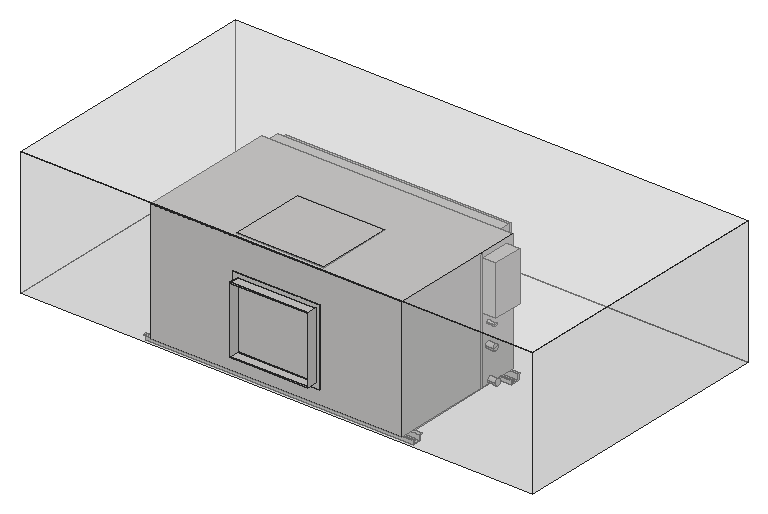
Revit family "outputfile", category 機械設備, Revit 2024
Family settings
  丸型コネクタ寸法 = 半径を使用
  パーツ タイプ = 標準
  OmniClass 番号 = 23.75.10.24.21.27.27
  OmniClass タイトル = Split System Air Conditioning Units
  作業面ベース = いいえ
  常に垂直 = はい
  ロード時にボイドで切り取り = いいえ
  注釈の向きを維持 = いいえ
  共有 = いいえ
  部屋計算ポイント = はい
Parameters (values of type "FDN150HTL")
  Description = ""
  書き出し IFC クラス(タイプ) = "IfcUnitaryEquipmentType"
  定義済み IFC タイプ(タイプ) = "AIRCONDITIONINGUNIT"
  Cost = 0
  Type Comments = ""
  Keynote = ""
  Type Image = (empty or 0)
  Assembly Code = ""
  switch_frequency = yes
  lw_power = 813 mm
  lw_box = 86 mm
  lw_RA = 733.5 mm
  lh_liquidpipe_2 = 738 mm
  lh_height_SA = 408 mm
  lh_ld_mountinghole_height = 35 mm
  lh_height_RA = 646 mm
  lh_hangerfixture = 35 mm
  lh_gaspipe_2 = 638 mm
  lh_box_top = 24 mm
  lh_box = 302 mm
  lh_SA = 351 mm
  lh_RA = 413 mm
  ld_depth_SA = 60 mm
  ld_depth_RA = 130 mm
  ld_box_left = 610 mm
  ld_box = 180 mm
  connector_voltage = Voltage_60Hz  # 220 V
  connector_powerinput = [Power Input (Cooling)]  # 15.110 kW
  connector_phase = Phase_60Hz  # 3
  URL = ""
  Supply Air Direction [instance] = yes
  製造元 = "Daikin"
  モデル = "FDN150HTL"
  w_pipe = 33 mm
  r_Liquid Pipe Size = Liquid Pipe Size / 2  # 7.95 mm
  r_Gas Pipe Size = Gas Pipe Size / 2  # 17.45 mm
  r_Drain Pipe Size = Drain Pipe Size / 2  # 17.0 mm
  lw_width_RA = 1377 mm
  lw_width_SA = 474 mm
  ld_suctionflange [instance] = 190 mm
  ld_powersupply = 275 mm
  Voltage_comment_60Hz = "220"
  Voltage_60Hz = 220 V
  Sound Power Level_H speed (dB) = 0
  Phase_60Hz = 3
  Minimum External Static Pressure = 0.00 Pa
  Minimum Circuit Amps_60Hz = 0.0 A
  Maximum Fuse Amps_60Hz = 0.0 A
  Maximum External Static Pressure = 150.00 Pa
  Material_Casing = DAIKIN_GalvanizedSteel_Casing_indoorunit
  lw_liquidpipe = 822 mm
  lw_gaspipe = 822 mm
  lw_mountinghole_pitch = 1600 mm
  lw_mountinghole = 1640 mm
  lw_drainpipe = 822 mm
  lh_powersupply = 425 mm
  lh_liquidpipe = 384 mm
  lh_gaspipe = 259 mm
  lh_mountinghole = 2.3 mm
  lh_drainpipe = 61 mm
  lh_antena = Height - lh_mountinghole + 1 mm  # 774.7 mm
  ld_liquidpipe = 225 mm
  ld_gaspipe = 225 mm
  ld_mountinghole_pitch = 754 mm
  ld_drainpipe = 242 mm
  h*** = 0 mm  # constant formula
  d_dischargeflange = ld_depth_SA  # 60 mm
  Width = 1540 mm
  Version = "ver.1.0"
  Unit Type = "Duct"
  Unit Mass Weight = 159.00 kg
  Unit Designation [instance] = ""
  Uniclass2015Version = "Products v1.30"
  Uniclass2015Title = "Split coil room air conditioning units"
  Uniclass2015Code = "Pr_70_65_03_86"
  Total Cooling Capacity [instance] = 0.000 kW
  Sound Pressure Level_M speed (dBA) = 0
  Sound Pressure Level_L speed (dBA) = 0
  Sound Pressure Level_H speed (dBA) = 56
  Series = "Package Aircon_Fan Coil Unit"
  Sensible Cooling Capacity [instance] = 0.000 kW
  SA Duct Size Width = 474 mm
  SA Duct Size Height = 408 mm
  Refrigerant Type = "R410A"
  RA Duct Size Width = 1377 mm
  RA Duct Size Height = 646 mm
  Power Input (Cooling) = 15.110 kW
  Option Accessory 3 [instance] = ""
  Option Accessory 2 [instance] = ""
  Option Accessory 1 [instance] = ""
  Nominal Cooling Capacity = 43.962 kW
  Minimum Airflow = 0.00 m³/h
  Median Airflow = 0.00 m³/h
  Maximum Airflow = 7646.00 m³/h
  Load Classification = HVAC
  Liquid Pipe Size = 15.9 mm
  Link_Nested Family [instance] = ""
  IfcVersion = ""
  IfcExportType = "AIRCONDITIONINGUNIT"
  IfcExportAs = "IfcUnitaryEquipmentType"
  Height = 776 mm
  Heat Exchanger Type = "Cross Fin Coil"
  Gas Pipe Size = 34.9 mm
  Frequency_60Hz = 60 Hz
  Fan Type = "Sirocco Fan"
  Fan Drive = "-"
  FCU Tag No. [instance] = ""
  Drain Pipe Size = 34.0 mm
  Design Supply Airflow [instance] = 0.00 m³/h
  Design Return Airflow [instance] = 0.00 m³/h
  Design External Static Pressure [instance] = 0.00 Pa
  Depth = 850 mm
  既定の高さ = 0 mm
  Cooling Entering Wet Bulb Temperature [instance] = 0.00 °C
  Cooling Entering Dry Bulb Temperature [instance] = 0.00 °C
  Cooling Ambient Wet Bulb Temperature [instance] = 0.00 °C
  Cooling Ambient Dry Bulb Temperature [instance] = 0.00 °C
  Clearance visibility [instance] = yes
  Clearance Top = 0 mm
  Clearance Right = 800 mm
  Clearance Rear = 800 mm
  Clearance Left = 800 mm
  Clearance Front = 0 mm
  Clearance Bottom = 0 mm
Reference planes
  plane 1 "Center (Front/Back)": y = 0
  plane 2: z = 0
  plane 3 "Center (Left/Right)": x = 0
  plane 4 "Back": y = 425
  plane 5 "Front": y = -425
  plane 6 "Left": x = -770
  plane 7 "Right": x = 770
  plane 8 "Top": z = 0
  plane 9 "Bottom": z = -776
  plane 10: z = -392
  plane 11: z = -517
  plane 12: x = -800
  plane 13: x = 800
  plane 14: x = 822
  plane 15: x = 822
  plane 16: z = -773.7
  plane 17 "Clearance Left": x = -1570
  plane 18 "Clearance Right": x = 1570
  plane 19 "Clearance Rear": y = 1225
  plane 20 "Clearance Front": y = -425
  plane 21 "Clearance Bottom": z = -776
  plane 22: z = -715
  plane 23 "ld_gas": y = 225
  plane 24: y = 225
  plane 25: y = -30
  plane 26: y = 242
  plane 27: y = 235
  plane 28: x = 822
  plane 29: y = 377
  plane 30: y = -377
  plane 31: y = -485
  plane 32: y = 555
  plane 33 "Clearance Top": z = 0
  plane 34: z = -351
  plane 35: y = 275
  plane 36 "hangerfixture": z = -741
  plane 37 "lh_SA": z = -425
  plane 38 "lh_RA": z = -363
  plane 39 "RA_center": x = -36.5
  plane 40: x = 886
  plane 41: x = 856
  plane 42: y = 185
  plane 43: y = 365
  plane 44 "box_bottom": z = -326
  plane 45 "box_top": z = -24
  plane 46: x = -267
  plane 47: x = 267
  plane 48: y = -394.5
  plane 49: y = 73.5
  plane 50 "lw_power": x = 813
  plane 51: z = -38
  plane 52: z = -138
  plane 53: z = -1
Forms (mm)
  Extrusion 1, solid, material "DAIKIN_GalvanizedSteel_Casing_indoorunit" <- "Material_Casing"
    sketch origin (0, -0.8, 0) x (1, 0, 0) y (0, 1, 0)
      loop
        line (-770, -424.2) -> (770, -424.2) -> (770, 425.8) -> (-770, 425.8) -> (-770, -424.2)
    from -741 to -1
  Revolve 2, solid, material "DAIKIN_GalvanizedSteel_Casing_indoorunit" <- "Material_Casing"
    sketch origin (0, 0, -517) x (0, -1, 0) y (1, 0, 0)
      loop
        line (-207.55, 770) -> (-207.55, 822) -> (-225, 822) -> (-225, 770) -> (-207.55, 770)
      axis (-225, 770) -> (-225, 822)
    angle from 0 to 360
  Revolve 3, solid, material "DAIKIN_GalvanizedSteel_Casing_indoorunit" <- "Material_Casing"
    sketch origin (0, 0, -392) x (0, -1, 0) y (1, 0, 0)
      loop
        line (-225, 770) -> (-225, 822) -> (-232.95, 822) -> (-232.95, 770) -> (-225, 770)
      axis (-225, 822) -> (-225, 770)
    angle from 0 to 360
  Extrusion 4, solid, material "DAIKIN_GalvanizedSteel_Casing_indoorunit" <- "Material_Casing"
    sketch origin (0, 0, 0) x (0, 1, 0) y (0, 0, 1)
      loop
        circle (242, -715) r 17
    from 822 to 770
  Extrusion 5, solid, material "DAIKIN_GalvanizedSteel_Casing_indoorunit" <- "Material_Casing"
    sketch origin (0, 0, 0) x (1, 0, 0) y (0, 1, 0)
      loop
        line (856, 185) -> (856, 365) -> (770, 365) -> (770, 185) -> (856, 185)
    from -326 to -24
  Extrusion 6, solid, material "DAIKIN_GalvanizedSteel_Casing_indoorunit" <- "Material_Casing"
    sketch origin (0, 0, 0) x (-1, 0, 0) y (0, -1, 0)
      loop
        line (267, -73.5) -> (267, 394.5) -> (-267, 394.5) -> (-267, -73.5) -> (267, -73.5)
    from -1 to 0
  Extrusion 7, solid, material "DAIKIN_GalvanizedSteel_Casing_indoorunit" <- "Material_Casing"
    sketch origin (0, 0, 0) x (0, 1, 0) y (0, 0, 1)
      loop
        line (-339, -741) -> (-339, -743.3) -> (339, -743.3) -> (339, -741) -> (-339, -741)
    from -770 to 770
  Extrusion 8, solid, material "DAIKIN_GalvanizedSteel_Casing_indoorunit" <- "Material_Casing"
    sketch origin (770, 0, 0) x (0, 1, 0) y (0, 0, 1)
      loop
        line (174, -1) -> (174, -741) -> (184, -741) -> (184, -1) -> (174, -1)
    from 0 to 1
Dimensions and locks
  equal spacing: plane 12, plane 3 "Center (Left/Right)", plane 13
  "lw_mountinghole_pitch": plane 12 to plane 13
  "lh_liquidpipe": plane 10 to plane 9 "Bottom"
  "lh_gaspipe": plane 11 to plane 9 "Bottom"
  equal spacing: plane 6 "Left", plane 3 "Center (Left/Right)", plane 7 "Right"
  "Width": plane 6 "Left" to plane 7 "Right"
  "Clearance Right": plane 7 "Right" to plane 18 "Clearance Right"
  "Clearance Left": plane 17 "Clearance Left" to plane 6 "Left"
  "Clearance Rear": plane 19 "Clearance Rear" to plane 4 "Back"
  "Clearance Front": plane 5 "Front" to plane 20 "Clearance Front"
  "Depth": plane 4 "Back" to plane 5 "Front"
  equal spacing: plane 4 "Back", plane 1 "Center (Front/Back)", plane 5 "Front"
  "ld_suctionflange": plane 4 "Back" to plane 27
  "r_Liquid Pipe Size": nested 5 to Revolve 3 sketch curve
  equal spacing: plane 29, plane 1 "Center (Front/Back)", plane 30
  "ld_mountinghole_pitch": plane 29 to plane 30
  "lw_liquidpipe": plane 3 "Center (Left/Right)" to plane 14
  "lw_gaspipe": plane 3 "Center (Left/Right)" to plane 15
  "lw_drainpipe": plane 3 "Center (Left/Right)" to plane 28
  "lh_drainpipe": plane 22 to plane 9 "Bottom"
  "Clearance Top": plane 33 "Clearance Top" to plane 8 "Top"
  "Clearance Bottom": plane 9 "Bottom" to plane 21 "Clearance Bottom"
  "lh_powersupply": plane 34 to plane 9 "Bottom"
  level to plane 8 "Top" = 0 mm
  "lh_hangerfixture": plane 36 "hangerfixture" to plane 9 "Bottom"
  "lh_SA": plane 37 "lh_SA" to plane 9 "Bottom"
  "ld_depth_SA": plane 5 "Front" to plane 31
  "ld_depth_RA": plane 32 to plane 4 "Back"
  "lh_RA": plane 38 "lh_RA" to plane 9 "Bottom"
  "lw_RA": plane 6 "Left" to plane 39 "RA_center"
  "ld_box_left": plane 42 to plane 5 "Front"
  "ld_box": plane 43 to plane 42
  "lw_box": plane 7 "Right" to plane 41
  "lh_box": plane 45 "box_top" to plane 44 "box_bottom"
  plane 46 to plane 3 "Center (Left/Right)" to plane 47 = 267 mm locked, 267 mm locked
  plane 49 to plane 48 to plane 5 "Front" = 468 mm locked, 30.5 mm locked
  "lw_power": plane 3 "Center (Left/Right)" to plane 50 "lw_power"
  "lh_gaspipe_2": plane 52 to plane 9 "Bottom"
  "lh_liquidpipe_2": plane 51 to plane 9 "Bottom"
  "ld_powersupply": plane 1 "Center (Front/Back)" to plane 35
  "ld_drainpipe": plane 26 to plane 1 "Center (Front/Back)"
  "ld_gaspipe": plane 23 "ld_gas" to plane 1 "Center (Front/Back)"
  "r_Gas Pipe Size": plane 23 "ld_gas" to Revolve 2 sketch curve
  "ld_liquidpipe": plane 24 to plane 1 "Center (Front/Back)"
  "Height": plane 8 "Top" to plane 9 "Bottom"
  "lh_mountinghole": plane 16 to plane 9 "Bottom"
  "lh_box_top": plane 33 "Clearance Top" to plane 45 "box_top"
  locked: plane 8 "Top" to plane 53 at 1
  Extrusion 8 sketch curve to Extrusion 8 sketch curve to plane 4 "Back" = 10 mm locked, 241 mm locked
  "r_Drain Pipe Size": radius of Extrusion 4 sketch curve
  aligned and locked: level to plane 2
  aligned and locked: Revolve 2 sketch curve to Revolve 2 sketch curve
  aligned and locked: plane 14 to nested 5
  aligned and locked: nested 5 to plane 10
  aligned and locked: plane 13 to nested 2
  aligned and locked: plane 12 to nested 3
  aligned and locked: plane 12 to nested 4
  aligned and locked: nested 6 to plane 11
  aligned and locked: plane 23 "ld_gas" to nested 6
  aligned and locked: plane 24 to nested 5
  aligned and locked: Extrusion 4 sketch curve to plane 26
  aligned and locked: nested 11 to plane 19 "Clearance Rear"
  aligned and locked: plane 18 "Clearance Right" to nested 11
  aligned and locked: plane 17 "Clearance Left" to nested 11
  aligned and locked: nested 11 to plane 20 "Clearance Front"
  aligned and locked: plane 28 to Extrusion 4
  aligned and locked: plane 15 to nested 6  (x2)
  aligned and locked: plane 13 to nested 1
  aligned and locked: plane 26 to nested 7
  aligned and locked: nested 7 to plane 22
  aligned and locked: nested 7 to plane 28
  aligned and locked: nested 9 to plane 1 "Center (Front/Back)"
  aligned and locked: plane 3 "Center (Left/Right)" to nested 9
  aligned and locked: plane 29 to nested 1
  aligned and locked: plane 30 to nested 2
  aligned and locked: nested 4 to plane 29
  aligned and locked: nested 3 to plane 30
  aligned and locked: nested 10 to plane 4 "Back"
  aligned and locked: nested 8 to plane 31
  aligned and locked: plane 32 to nested 14
  aligned and locked: plane 3 "Center (Left/Right)" to nested 13
  aligned and locked: nested 11 to plane 33 "Clearance Top"
  aligned and locked: nested 11 to plane 21 "Clearance Bottom"
  aligned and locked: nested 12 to plane 9 "Bottom"
  aligned and locked: plane 36 "hangerfixture" to Extrusion 1
  aligned and locked: plane 37 "lh_SA" to nested 8
  aligned and locked: Extrusion 1 to plane 5 "Front"
  aligned and locked: nested 13 to plane 31
  aligned and locked: plane 37 "lh_SA" to nested 13
  aligned and locked: Extrusion 1 to plane 4 "Back"
  aligned and locked: plane 38 "lh_RA" to nested 10
  aligned and locked: nested 14 to plane 38 "lh_RA"
  aligned and locked: plane 39 "RA_center" to nested 10
  aligned and locked: nested 14 to plane 39 "RA_center"
  aligned and locked: plane 43 to Extrusion 5 sketch curve
  aligned and locked: Extrusion 5 sketch curve to plane 42
  aligned and locked: plane 45 "box_top" to Extrusion 5
  aligned and locked: Extrusion 5 to plane 44 "box_bottom"
  aligned and locked: Extrusion 6 sketch curve to plane 49
  aligned and locked: Extrusion 6 sketch curve to plane 46
  aligned and locked: plane 48 to Extrusion 6 sketch curve
  aligned and locked: plane 47 to Extrusion 6 sketch curve
  aligned and locked: nested 16 to plane 51
  aligned and locked: nested 17 to plane 52
  aligned and locked: plane 14 to nested 16
  aligned and locked: nested 15 to plane 35
  aligned and locked: Revolve 2 sketch curve to plane 23 "ld_gas"
  aligned and locked: plane 23 "ld_gas" to nested 17
  aligned and locked: plane 24 to nested 16
  aligned and locked: plane 36 "hangerfixture" to Extrusion 7 sketch curve
  aligned and locked: Extrusion 7 sketch curve to nested 12  (x3)
  aligned and locked: Extrusion 7 to plane 6 "Left"
  aligned and locked: plane 7 "Right" to Extrusion 7
  aligned and locked: nested 15 to plane 50 "lw_power"
  aligned and locked: level to plane 8 "Top"
  aligned and locked: Extrusion 5 sketch curve to plane 41
  aligned and locked: plane 7 "Right" to Extrusion 5 sketch curve
  aligned and locked: plane 53 to Extrusion 1
  aligned and locked: Extrusion 6 to plane 53
  aligned and locked: plane 8 "Top" to Extrusion 6
  aligned and locked: Extrusion 4 to plane 7 "Right"
  aligned and locked: Revolve 3 to plane 7 "Right"
  aligned and locked: plane 7 "Right" to Revolve 2
  aligned and locked: nested 15 to plane 45 "box_top"
  aligned and locked: Extrusion 8 sketch curve to plane 36 "hangerfixture"
  aligned and locked: Extrusion 8 sketch curve to plane 53
Automatic sketch dimensions
  Extrusion 1 sketch curve to plane 4 "Back" = 0 mm
  Extrusion 1 sketch curve to plane 6 "Left" = 0 mm
  Extrusion 1 sketch curve to plane 5 "Front" = 0 mm
  Extrusion 1 sketch curve to plane 7 "Right" = 0 mm
  Revolve 3 sketch curve to plane 23 "ld_gas" = 0 mm  (x2)
  Revolve 3 sketch curve to plane 14 = 0 mm  (x2)
  plane 7 "Right" to Revolve 3 sketch curve = 0 mm
  plane 7 "Right" to Revolve 3 sketch curve = 1 mm
  Extrusion 4 sketch curve to plane 22 = 0 mm
  Revolve 2 sketch curve to plane 7 "Right" = 0 mm
  Revolve 2 sketch curve to plane 14 = 0 mm
  Revolve 2 sketch curve to Revolve 2 sketch curve = 2.003 mm
  plane 14 to Revolve 2 sketch curve = 1.003 mm
Nested families
  nested 1: "daikin_mountinghole" at (800, 377, -776), Link_Nested Family <- "Link_Nested Family", h_mountinghole <- "lh_mountinghole", l_antenna <- "lh_antena", type "daikin_mountinghole"
    with show yes, l_antenna 774.7 mm, h_mountinghole 2.3 mm, Link_Nested Family "", d_circle 23 mm
  nested 2: "daikin_mountinghole" at (800, -377, -776), Link_Nested Family <- "Link_Nested Family", h_mountinghole <- "lh_mountinghole", l_antenna <- "lh_antena", type "daikin_mountinghole"
    with show yes, l_antenna 774.7 mm, h_mountinghole 2.3 mm, Link_Nested Family "", d_circle 23 mm
  nested 3: "daikin_mountinghole" at (-800, -377, -776), Link_Nested Family <- "Link_Nested Family", h_mountinghole <- "lh_mountinghole", l_antenna <- "lh_antena", type "daikin_mountinghole"
    with show yes, l_antenna 774.7 mm, h_mountinghole 2.3 mm, Link_Nested Family "", d_circle 23 mm
  nested 4: "daikin_mountinghole" at (-800, 377, -776), Link_Nested Family <- "Link_Nested Family", h_mountinghole <- "lh_mountinghole", l_antenna <- "lh_antena", type "daikin_mountinghole"
    with show yes, l_antenna 774.7 mm, h_mountinghole 2.3 mm, Link_Nested Family "", d_circle 23 mm
  nested 5: "daikin_connector_rotate2" at (0, 225, -392) x (0, 1, 0) z (0, 0, 1), length <- "lw_liquidpipe", built-in parameter 1001364 <- "lh_liquidpipe", radius <- "r_Liquid Pipe Size", type "daikin_connector_rotate2"
    with radius 7.95 mm, length 822 mm, angle_vertical 90.00°
  nested 6: "daikin_connector_rotate2" at (0, 225, -517) x (0, 1, 0) z (0, 0, 1), length <- "lw_gaspipe", built-in parameter 1001364 <- "lh_gaspipe", radius <- "r_Gas Pipe Size", type "daikin_connector_rotate2"
    with radius 17.45 mm, length 822 mm, angle_vertical 90.00°
  nested 7: "daikin_connector_rotate2" at (0, 242, -715) x (0, 1, 0) z (0, 0, 1), built-in parameter 1001364 <- "lh_drainpipe", length <- "lw_drainpipe", radius <- "r_Drain Pipe Size", type "daikin_connector_rotate2"
    with radius 17 mm, length 822 mm, angle_vertical 90.00°
  nested 8: "daikin_connector_rotate2" at (0, -425, -425), length <- "d_dischargeflange", type "daikin_connector_rotate2"
    with radius 10 mm, length 60 mm, angle_vertical 90.00°
  nested 9: "daikin_△_symbolicline" at (-75, -129.904, 9) x (-0.5, 0.866, 0) z (0, 0, 1), visible <- "Supply Air Direction", type "daikin_△_symbolicline"
    with length 300 mm
  nested 10: "daikin_ductflange_FDN-HTL" at (-36.5, 425, -363), material <- "Material_Casing", width <- "lw_width_RA", height <- "lh_height_RA", depth <- "ld_depth_RA", type "daikin_ductflange_FDN-HTL"
    with width 1377 mm, material DAIKIN_GalvanizedSteel_Casing_indoorunit, height 646 mm, depth 130 mm
  nested 11: "daikin_clearancespace" at (0, 400, -387.881), visible <- "Clearance visibility", show <- "Clearance visibility", Link_Nested Family <- "Link_Nested Family", type "daikin_clearancespace"
    with width 3140 mm, show yes, height 776 mm, depth 1650 mm, Link_Nested Family ""
  nested 12: "daikin_hangerfixture_FDN-HTL" at (0, 0, -776), type "daikin_hangerfixture_FDN-HTL"
  nested 13: "daikin_ductflange_FDN-HTL_1" at (0, -416, -614.401), width <- "lw_width_SA", material <- "Material_Casing", height <- "lh_height_SA", depth <- "ld_depth_SA", type "daikin_ductflange_FDN-HTL_1"
    with width 474 mm, material DAIKIN_GalvanizedSteel_Casing_indoorunit, height 408 mm, depth 60 mm
  nested 14: "daikin_connector_rotate2" at (-36.5, 425, -363) x (-1, 0, 0) z (0, 0, 1), length <- "ld_depth_RA", type "daikin_connector_rotate2"
    with radius 10 mm, length 130 mm, angle_vertical 90.00°
  nested 15: "daikin_connector_rotate2" at (813, 275, -24) x (0, 1, 0) z (1, 0, 0), length <- "lh_box", type "daikin_connector_rotate2"
    with radius 10 mm, length 302 mm, angle_vertical 90.00°
  nested 16: "daikin_connector_rotate2" at (0, 225, -38) x (0, 1, 0) z (0, 0, 1), length <- "lw_liquidpipe", built-in parameter 1001364 <- "lh_liquidpipe", radius <- "r_Liquid Pipe Size", type "daikin_connector_rotate2"
    with radius 7.95 mm, length 822 mm, angle_vertical 90.00°
  nested 17: "daikin_connector_rotate2" at (0, 225, -138) x (0, 1, 0) z (0, 0, 1), length <- "lw_gaspipe", built-in parameter 1001364 <- "lh_gaspipe", radius <- "r_Gas Pipe Size", type "daikin_connector_rotate2"
    with radius 17.45 mm, length 822 mm, angle_vertical 90.00°
Connectors
  piping at (822, 225, -517), diameter 34.9, driven by "r_Gas Pipe Size"
    settings: on nested 6, index 1, connector inside diameter 609.6 mm, connector length 0 mm, flow factor 0, pipe flow 0.00 m³/h, pressure drop 0.0 Pa, fitting loss kfactor 0, connector angle 0.00°, fixture units 0, engagement length 0 mm, angle of deflection 0.00°, flow configuration 1, flow direction 2, fitting loss method 0, system type 29, joint type 0, gender type 0, connector reference index -1, connector utility 0, adjustable connector no, is connector primary yes, connector description "Refrigerant Gas Piping"
  piping at (822, 225, -392), diameter 15.9, driven by "r_Liquid Pipe Size"
    settings: on nested 5, index 2, connector inside diameter 609.6 mm, connector length 0 mm, flow factor 0, pipe flow 0.00 m³/h, pressure drop 0.0 Pa, fitting loss kfactor 0, connector angle 0.00°, fixture units 0, engagement length 0 mm, angle of deflection 0.00°, flow configuration 1, flow direction 1, fitting loss method 0, system type 29, joint type 0, gender type 0, connector reference index -1, connector utility 0, adjustable connector no, is connector primary no, connector description "Refrigerant Liquid Piping"
  piping at (822, 242, -715), diameter 34, driven by "r_Drain Pipe Size"
    settings: on nested 7, index 3, connector inside diameter 609.6 mm, connector length 0 mm, flow factor 0, pipe flow 0.00 m³/h, pressure drop 0.0 Pa, fitting loss kfactor 0, connector angle 0.00°, fixture units 0, engagement length 0 mm, angle of deflection 0.00°, flow configuration 1, flow direction 2, fitting loss method 4, system type 16, joint type 0, gender type 0, connector reference index -1, connector utility 0, adjustable connector no, is connector primary no, connector description "Condensate Drain Piping"
  hvac at (0, -485, -425), driven by "SA Duct Size Height", driven by "SA Duct Size Width"
    settings: on nested 8, index 7, duct flow 0.00 m³/h, flow factor 0, pres drop 0.00 Pa, loss coef 0, conn angle 0.00°, conn width 474.0 mm, conn height 408.0 mm, conn diameter 609.6 mm, duct sys type 1, conn prof type 1, flow config 0, flow direction 2, loss method 4, conn ref index -1, conn util no, is conn primary yes, conn desc "SA Duct"
  hvac at (-36.5, 555, -363), driven by "RA Duct Size Width", driven by "RA Duct Size Height"
    settings: on nested 14, index 8, duct flow 0.00 m³/h, flow factor 0, pres drop 0.00 Pa, loss coef 0, conn angle 0.00°, conn width 1377.0 mm, conn height 646.0 mm, conn diameter 609.6 mm, duct sys type 2, conn prof type 1, flow config 0, flow direction 1, loss method 4, conn ref index -1, conn util no, is conn primary no, conn desc "RA Duct"
  electrical at (813, 275, -326), driven by "Load Classification", driven by "connector_phase", driven by "connector_powerinput", driven by "connector_voltage"
    settings: on nested 15, index 9, voltage 220 V, apparent load 15110 VA, apparent load phase1 0 VA, apparent load phase2 0 VA, apparent load phase3 0 VA, power factor 1, load classification "HVAC", number of poles 3, system type 30, power factor state 1, is connector primary yes, connector utility no, sub classification motor no, connector description "Power Supply"
Definition of nested family "daikin_ductflange_FDN-HTL"
  Parameters (values of type "daikin_ductflange_FDN-HTL")
    width [instance] = 1624 mm
    t2 = 19 mm
    t = 1 mm
    material [instance] = none
    height [instance] = 747 mm
    depth [instance] = 130 mm
    Default Elevation = 0 mm
  Reference planes
    plane 1 "Center (Front/Back)": y = 0
    plane 2: z = 0
    plane 3 "Center (Left/Right)": x = 0
    plane 4: x = -812
    plane 5: x = 812
    plane 6: z = 373.5
    plane 7: z = -373.5
    plane 8: y = 90
    plane 9: y = 130
    plane 10: x = -811
    plane 11: x = 811
    plane 12: z = -372.5
    plane 13: z = 372.5
    plane 14: x = -831
    plane 15: x = 831
    plane 16: z = 392.5
    plane 17: z = -392.5
  Forms (mm)
    Extrusion 1, solid, material <- "material"
      sketch origin (0, 0, 0) x (1, 0, 0) y (0, 0, 1)
        loop
          line (-831, 392.5) -> (-831, -392.5) -> (831, -392.5) -> (831, 392.5) -> (-831, 392.5)
        loop
          line (-812, 373.5) -> (-812, -373.5) -> (812, -373.5) -> (812, 373.5) -> (-812, 373.5)
      from 0 to -90
    Extrusion 2, solid, material <- "material"
      sketch origin (0, 0, 0) x (1, 0, 0) y (0, 0, 1)
        loop
          line (-812, 373.5) -> (-812, -373.5) -> (812, -373.5) -> (812, 373.5) -> (-812, 373.5)
        loop
          line (811, 372.5) -> (-811, 372.5) -> (-811, -372.5) -> (811, -372.5) -> (811, 372.5)
      from -130 to -90
  Cuts and joins
    joined: Extrusion 1, Extrusion 2
  Dimensions and locks
    equal spacing: plane 5, plane 3 "Center (Left/Right)", plane 4
    "width": plane 5 to plane 4
    equal spacing: plane 6, level, plane 7
    "height": plane 6 to plane 7
    locked: plane 1 "Center (Front/Back)" to plane 8 at 90
    "depth": plane 1 "Center (Front/Back)" to plane 9
    "t": plane 6 to plane 13
    "t": plane 12 to plane 7
    "t": plane 5 to plane 11
    "t": plane 10 to plane 4
    "t2": plane 4 to plane 14
    "t2": plane 15 to plane 5
    "t2": plane 16 to plane 6
    "t2": plane 7 to plane 17
    aligned and locked: level to plane 2
    aligned and locked: Extrusion 1 to plane 8
    aligned and locked: plane 1 "Center (Front/Back)" to Extrusion 1
    aligned and locked: Extrusion 2 to plane 9
    aligned and locked: Extrusion 2 to Extrusion 1
    aligned and locked: plane 13 to Extrusion 2 sketch curve
    aligned and locked: plane 11 to Extrusion 2 sketch curve
    aligned and locked: Extrusion 2 sketch curve to plane 12
    aligned and locked: Extrusion 2 sketch curve to plane 10
    aligned and locked: Extrusion 1 sketch curve to plane 16
    aligned and locked: plane 14 to Extrusion 1 sketch curve
    aligned and locked: plane 17 to Extrusion 1 sketch curve
    aligned and locked: Extrusion 1 sketch curve to plane 15
    aligned and locked: Extrusion 1 sketch curve to plane 6
    aligned and locked: Extrusion 1 sketch curve to plane 5
    aligned and locked: plane 4 to Extrusion 1 sketch curve
    aligned and locked: plane 7 to Extrusion 1 sketch curve
  Automatic sketch dimensions
    Extrusion 2 sketch curve to plane 4 = 0 mm
    Extrusion 2 sketch curve to plane 5 = 0 mm
    Extrusion 2 sketch curve to plane 7 = 0 mm
    Extrusion 2 sketch curve to plane 6 = 0 mm
Definition of nested family "daikin_clearancespace"
  Parameters (values of type "daikin_clearancespace")
    Description = "daikin_clearancespace"
    width [instance] = 1823.963 mm
    show [instance] = yes
    material = none
    height [instance] = 1359.762 mm
    depth [instance] = 880 mm
    Default Elevation = 0 mm
    Link_Nested Family [instance] = ""
  Reference planes
    plane 1 "Center (Front/Back)": y = 0
    plane 2 "Center (Elevation)": z = -0.119
    plane 3 "Center (Left/Right)": x = 0
    plane 4: y = 440
    plane 5: y = -440
    plane 6 "Right": x = 911.982
    plane 7 "Left": x = -911.982
    plane 8 "Top": z = 679.762
    plane 9 "Bottom": z = -680
  Forms (mm)
    Extrusion 1, solid, material <- "material", visible <- "show"
      sketch origin (0, 0, 0) x (1, 0, 0) y (0, 1, 0)
        loop
          line (-911.982, 440) -> (-911.982, -440) -> (911.982, -440) -> (911.982, 440) -> (-911.982, 440)
      from -680 to 679.762
  Lines and regions (mm)
    symbolic lines, visible <- "show"
      curve 1: line (911.982, 440, 0) -> (-911.982, 440, 0)
      curve 2: line (-911.982, 440, 0) -> (-911.982, -440, 0)
      curve 3: line (-911.982, -440, 0) -> (911.982, -440, 0)
      curve 4: line (911.982, -440, 0) -> (911.982, 440, 0)
      curve 5: line (911.982, 0, 679.762) -> (-911.982, 0, 679.762)
      curve 6: line (911.982, 0, -680) -> (911.982, 0, 679.762)
      curve 7: line (-911.982, 0, -680) -> (911.982, 0, -680)
      curve 8: line (-911.982, 0, 679.762) -> (-911.982, 0, -680)
      curve 9: line (0, 440, 679.762) -> (0, -440, 679.762)
      curve 10: line (0, -440, 679.762) -> (0, -440, -680)
      curve 11: line (0, 440, -680) -> (0, 440, 679.762)
      curve 12: line (0, -440, -680) -> (0, 440, -680)
  Dimensions and locks
    "width": plane 7 "Left" to plane 6 "Right"
    "depth": plane 4 to plane 5
    "height": plane 8 "Top" to plane 9 "Bottom"
    equal spacing: plane 7 "Left", plane 3 "Center (Left/Right)", plane 6 "Right"
    equal spacing: plane 4, plane 1 "Center (Front/Back)", plane 5
    equal spacing: plane 8 "Top", plane 2 "Center (Elevation)", plane 9 "Bottom"
    aligned and locked: level to plane 2 "Center (Elevation)"
    aligned and locked: Extrusion 1 sketch curve to plane 4
    aligned and locked: plane 7 "Left" to Extrusion 1 sketch curve
    aligned and locked: Extrusion 1 sketch curve to plane 5
    aligned and locked: Extrusion 1 sketch curve to plane 6 "Right"
    aligned and locked: plane 8 "Top" to Extrusion 1
    aligned and locked: curve 1 to Extrusion 1
    aligned and locked: curve 2 to Extrusion 1
    aligned and locked: curve 3 to Extrusion 1
    aligned and locked: curve 4 to Extrusion 1
    aligned and locked: curve 5 to Extrusion 1
    aligned and locked: curve 6 to Extrusion 1
    aligned and locked: curve 7 to Extrusion 1
    aligned and locked: curve 8 to Extrusion 1
    aligned and locked: curve 9 to Extrusion 1
    aligned and locked: curve 10 to Extrusion 1
    aligned and locked: curve 11 to Extrusion 1
    aligned and locked: curve 12 to Extrusion 1
    aligned and locked: Extrusion 1 to plane 9 "Bottom"
Definition of nested family "daikin_hangerfixture_FDN-HTL"
  Parameters (values of type "daikin_hangerfixture_FDN-HTL")
    width = 1600 mm
    material = none
    height = 35 mm
    e = 38 mm
    depth = 754 mm
    Default Elevation = 0 mm
    G = 1640 mm
    E = 50 mm
  Reference planes
    plane 1 "Center (Front/Back)": y = 0
    plane 2: z = 0
    plane 3 "Center (Left/Right)": x = 0
    plane 4: x = 800
    plane 5: x = -800
    plane 6: z = 35
    plane 7: y = 377
    plane 8: y = -377
    plane 9: x = -820
    plane 10: x = 820
    plane 11: y = 415
    plane 12: y = -415
    plane 13: y = -339
    plane 14: y = 339
  Forms (mm)
    Extrusion 1, solid
      sketch origin (0, 0, 0) x (0, 1, 0) y (0, 0, 1)
        loop
          line (-354, 35) -> (-354, 2.3) -> (-400, 2.3) -> (-400, 35) -> (-415, 35) -> (-415, 32.7) -> (-402.3, 32.7) -> (-402.3, 0) -> (-351.7, 0) -> (-351.7, 32.7) -> (-339, 32.7) -> (-339, 35) -> (-354, 35)
        loop
          line (354, 35) -> (339, 35) -> (339, 32.7) -> (351.7, 32.7) -> (351.7, 0) -> (402.3, 0) -> (402.3, 32.7) -> (415, 32.7) -> (415, 35) -> (400, 35) -> (400, 2.3) -> (354, 2.3) -> (354, 35)
      from -820 to 820
    Extrusion 2, void
      sketch origin (0, 0, 0) x (1, 0, 0) y (0, 1, 0)
        loop
          circle (-800, 377) r 7.5
        loop
          circle (-800, -377) r 7.5
        loop
          circle (800, -377) r 7.5
        loop
          circle (800, 377) r 7.5
      from 0 to 9
  Cuts and joins
    Extrusion 2 cuts Extrusion 1
  Dimensions and locks
    "width": plane 5 to plane 4
    equal spacing: plane 5, plane 3 "Center (Left/Right)", plane 4
    "depth": plane 8 to plane 7
    equal spacing: plane 8, plane 1 "Center (Front/Back)", plane 7
    "height": plane 6 to level
    "e": plane 7 to plane 11
    "e": plane 12 to plane 8
    equal spacing: Extrusion 1 sketch curve, plane 8, Extrusion 1 sketch curve  (x2)
    "e": Extrusion 1 sketch curve to plane 8 to Extrusion 1 sketch curve
    locked: Extrusion 1 sketch curve to level at 2.3  (x2)
    "e": plane 7 to Extrusion 1 sketch curve  (x2)
    equal spacing: Extrusion 1 sketch curve, plane 7, Extrusion 1 sketch curve  (x2)
    equal spacing: plane 9, plane 3 "Center (Left/Right)", plane 10
    "G": plane 9 to plane 10
    aligned and locked: level to plane 2
    aligned and locked: plane 6 to Extrusion 1 sketch curve  (x2)
    aligned and locked: Extrusion 1 sketch curve to level
    aligned and locked: level to Extrusion 1 sketch curve
    aligned and locked: Extrusion 1 to plane 9
    aligned and locked: plane 10 to Extrusion 1
    aligned and locked: plane 7 to Extrusion 2 sketch curve  (x2)
    aligned and locked: plane 5 to Extrusion 2 sketch curve  (x2)
    aligned and locked: plane 8 to Extrusion 2 sketch curve  (x2)
    aligned and locked: plane 4 to Extrusion 2 sketch curve  (x2)
    aligned and locked: cut or joined group of Extrusion 1, Extrusion 2 to plane 14  (x2)
    aligned and locked: plane 13 to cut or joined group of Extrusion 1, Extrusion 2
  Automatic sketch dimensions
    Extrusion 1 sketch curve to plane 6 = 0 mm  (x2)
    Extrusion 1 sketch curve to plane 6 = 2.3 mm  (x3)
    Extrusion 1 sketch curve to plane 12 = 12.7 mm
    Extrusion 1 sketch curve to Extrusion 1 sketch curve = 2.3 mm  (x3)
    plane 14 to Extrusion 1 sketch curve = 12.7 mm
    radius of Extrusion 2 sketch curve = 7.5 mm  (x4)
Definition of nested family "daikin_ductflange_FDN-HTL_1"
  Parameters (values of type "daikin_ductflange_FDN-HTL_1")
    width [instance] = 474 mm
    t3 = 9 mm
    t2 = 30 mm
    t [instance] = 1.2 mm
    material [instance] = none
    height [instance] = 408 mm
    depth [instance] = 60 mm
    Default Elevation = 0 mm
  Reference planes
    plane 1 "Center (Front/Back)": y = 0
    plane 2: z = 189.401
    plane 3 "Center (Left/Right)": x = 0
    plane 4: y = 0
    plane 5: y = -69
    plane 6: y = -9
    plane 7: z = 394.601
    plane 8: z = -15.799
    plane 9: x = -237
    plane 10: x = 237
    plane 11: x = -238.2
    plane 12: x = 238.2
    plane 13: z = 393.401
    plane 14: z = -14.599
    plane 15: x = -267
    plane 16: z = 423.401
    plane 17: z = -44.599
    plane 18: x = 267
  Forms (mm)
    Extrusion 1, solid, material <- "material"
      sketch origin (0, 0, 0) x (1, 0, 0) y (0, 0, 1)
        loop
          line (-238.2, 394.601) -> (-238.2, -15.799) -> (238.2, -15.799) -> (238.2, 394.601) -> (-238.2, 394.601)
        loop
          line (-237, 393.401) -> (-237, -14.599) -> (237, -14.599) -> (237, 393.401) -> (-237, 393.401)
      from 9 to 69
    Extrusion 2, solid, material <- "material"
      sketch origin (0, 0, 0) x (1, 0, 0) y (0, 0, 1)
        loop
          line (-267, 423.401) -> (-267, -44.599) -> (267, -44.599) -> (267, 423.401) -> (-267, 423.401)
        loop
          line (-237, 393.401) -> (-237, -14.599) -> (237, -14.599) -> (237, 393.401) -> (-237, 393.401)
      from 0 to 9
  Cuts and joins
    joined: Extrusion 1, Extrusion 2
  Dimensions and locks
    plane 4 to plane 1 "Center (Front/Back)" = 0 mm
    equal spacing: plane 7, level, plane 8
    "height": plane 13 to plane 14
    equal spacing: plane 10, plane 3 "Center (Left/Right)", plane 9
    "t": plane 9 to plane 11
    "t": plane 12 to plane 10
    "t": plane 7 to plane 13
    "t": plane 14 to plane 8
    "t2": plane 9 to plane 15
    "t2": plane 18 to plane 10
    "t2": plane 16 to plane 13
    "t2": plane 14 to plane 17
    "width": plane 10 to plane 9
    "depth": plane 5 to plane 6
    "t3": plane 6 to plane 4
    aligned and locked: level to plane 2
    aligned and locked: Extrusion 1 sketch curve to plane 7
    aligned and locked: plane 11 to Extrusion 1 sketch curve
    aligned and locked: plane 8 to Extrusion 1 sketch curve
    aligned and locked: Extrusion 1 sketch curve to plane 12
    aligned and locked: Extrusion 1 sketch curve to plane 13
    aligned and locked: plane 9 to Extrusion 1 sketch curve
    aligned and locked: plane 14 to Extrusion 1 sketch curve
    aligned and locked: Extrusion 1 sketch curve to plane 10
    aligned and locked: plane 6 to Extrusion 1
    aligned and locked: Extrusion 1 to plane 5
    aligned and locked: Extrusion 2 sketch curve to plane 16
    aligned and locked: plane 15 to Extrusion 2 sketch curve
    aligned and locked: plane 17 to Extrusion 2 sketch curve
    aligned and locked: Extrusion 2 sketch curve to plane 18
    aligned and locked: Extrusion 2 sketch curve to Extrusion 1  (x4)
    aligned and locked: Extrusion 2 to plane 1 "Center (Front/Back)"
    aligned and locked: Extrusion 2 to plane 6
  Automatic sketch dimensions
    Extrusion 2 sketch curve to plane 15 = 0 mm
Definition of nested family "daikin_mountinghole"
  Parameters (values of type "daikin_mountinghole")
    Default Elevation = 1219.2 mm
    Type Comments = "mountinghole"
    show [instance] = yes
    material = none
    l_centerline = 100 mm
    l_antenna [instance] = 100 mm
    h_mountinghole [instance] = 0 mm
    d_circle = 30 mm
    Link_Nested Family [instance] = ""
  Reference planes
    plane 1 "Center (Front/Back)": y = 0
    plane 2: z = 0
    plane 3 "Center (Left/Right)": x = 0
    plane 4: y = 50
    plane 5: x = -50
    plane 6: x = 50
    plane 7: y = -50
    plane 8 "h_mountinghole": z = 0
    plane 9: z = 100
  Lines and regions (mm)
    model lines, detail levels fine
      curve 1: circle (0, 0, 0) r 15 normal (0, 0, 1)
      curve 2: line (-50, 0, 0) -> (50, 0, 0)
      curve 3: line (0, 50, 0) -> (0, -50, 0)
    symbolic lines, detail levels fine
      curve 4: circle (0, 0, 0) r 15 normal (0, 0, 1)
      curve 5: line (-50, 0, 0) -> (50, 0, 0)
      curve 6: line (0, 50, 0) -> (0, -50, 0)
    model lines
      curve 7: line (0, 0, 100) -> (0, 0, 0)
  Dimensions and locks
    equal spacing: plane 4, plane 1 "Center (Front/Back)", plane 7
    "l_centerline": plane 4 to plane 7
    equal spacing: plane 5, plane 3 "Center (Left/Right)", plane 6
    "l_centerline": plane 5 to plane 6
    "l_antenna": plane 9 to plane 8 "h_mountinghole"
    "h_mountinghole": plane 8 "h_mountinghole" to plane 2
    "d_circle": diameter of curve 1
    "d_circle": diameter of curve 4
    aligned and locked: level to plane 2
    aligned and locked: plane 1 "Center (Front/Back)" to curve 1
    aligned and locked: plane 3 "Center (Left/Right)" to curve 1
    aligned and locked: plane 1 "Center (Front/Back)" to curve 2
    aligned and locked: curve 3 to plane 3 "Center (Left/Right)"
    aligned and locked: plane 6 to curve 2
    aligned and locked: plane 5 to curve 2
    aligned and locked: plane 4 to curve 3
    aligned and locked: plane 7 to curve 3
    aligned and locked: plane 1 "Center (Front/Back)" to curve 4
    aligned and locked: plane 3 "Center (Left/Right)" to curve 4
    aligned and locked: plane 6 to curve 5
    aligned and locked: plane 5 to curve 5
    aligned and locked: plane 1 "Center (Front/Back)" to curve 5
    aligned and locked: plane 4 to curve 6
    aligned and locked: plane 7 to curve 6
    aligned and locked: curve 6 to plane 3 "Center (Left/Right)"
    aligned and locked: curve 7 to plane 3 "Center (Left/Right)"
    aligned and locked: plane 9 to curve 7
    aligned and locked: plane 8 "h_mountinghole" to curve 7
Definition of nested family "daikin_connector_rotate2"
  Parameters (values of type "daikin_connector_rotate2")
    show_face = no
    radius [instance] = 10 mm
    length [instance] = 600 mm
    d_surface = 10 mm
    angle_vertical [instance] = 90.00°
    Default Elevation = 0 mm
  Reference planes
    plane 1 "Center (Front/Back)": y = 0
    plane 2: z = 0
    plane 3 "Center (Left/Right)": x = 0
  Forms (mm)
    Extrusion 1, solid, visible <- "show_face"
      sketch origin (0, -600, 0) x (1, 0, 0) y (0, 0, 1)
        loop
          circle (0, 0) r 10
      from 0 to -10
  Lines and regions (mm)
    reference lines
      curve 1: line (0, 0, 0) -> (0, -600, 0)
    symbolic lines
      curve 2: circle (0, 0, 0) r 5 normal (0, 0, 1)
    model lines, visible <- "show_face"
      curve 3: line (0, 0, 0) -> (0, -600, 0)
  Dimensions and locks
    "length": curve 1 to curve 1
    "length": curve 3 to curve 3
    "d_surface": Extrusion 1 to Extrusion 1
    "radius": radius of Extrusion 1 sketch curve
    "angle_vertical": angle curve 1 to plane 1 "Center (Front/Back)"
    "angle_vertical": angle curve 3 to plane 1 "Center (Front/Back)"
    aligned and locked: level to plane 2
    aligned and locked: plane 1 "Center (Front/Back)" to curve 1
    aligned and locked: plane 2 to curve 1
    aligned and locked: plane 1 "Center (Front/Back)" to curve 2
    aligned and locked: plane 3 "Center (Left/Right)" to curve 2
    aligned and locked: plane 1 "Center (Front/Back)" to curve 3
    aligned and locked: plane 2 to curve 3
    aligned and locked: Extrusion 1 to Extrusion 1
  Automatic sketch dimensions
    Extrusion 1 sketch curve to level = 0 mm
    Extrusion 1 sketch curve to plane 3 "Center (Left/Right)" = 0 mm
    radius of curve 2 = 5 mm
Definition of nested family "daikin_△_symbolicline"
  Parameters (values of type "daikin_△_symbolicline")
    length [instance] = 500 mm
    Default Elevation = 0 mm
  Reference planes
    plane 1 "Center (Front/Back)": y = 0
    plane 2: z = 0
    plane 3 "Center (Left/Right)": x = 0
  Lines and regions (mm)
    symbolic lines
      curve 1: line (0, -433.013, 0) -> (250, 0, 0)
      curve 2: line (250, 0, 0) -> (-250, 0, 0)
      curve 3: line (-250, 0, 0) -> (0, -433.013, 0)
  Dimensions and locks
    equal spacing: curve 3, plane 3 "Center (Left/Right)", curve 2
    "length": curve 3 to curve 2
    "length": curve 3 to curve 3
    "length": curve 1 to curve 1
    aligned and locked: level to plane 2
    aligned and locked: curve 2 to plane 1 "Center (Front/Back)"
    aligned and locked: plane 3 "Center (Left/Right)" to curve 3
